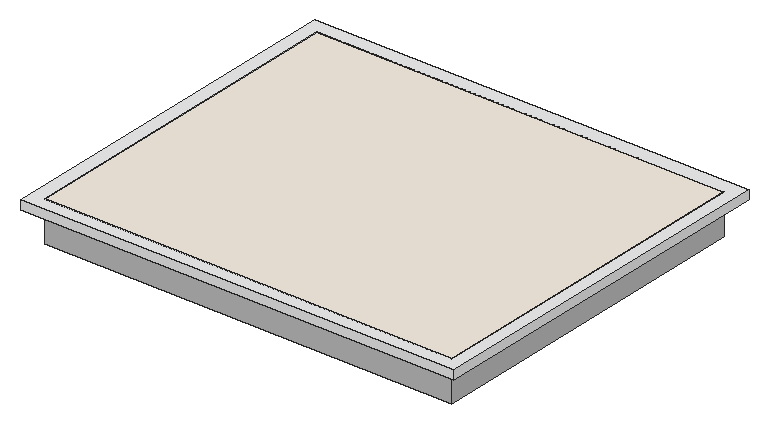
Revit family "Lighting-Industriale-GEWISS-ELIA-HL-LED_RIFLETTORE", category Apparecchi per illuminazione, host Superficie, Revit 2019 (continued)
Types (12, lengths in mm): name | Tensione | Scheda Tecnica | Potenza di sistema | Peso (kg): | Peso (kg) | Ottica | built-in parameter 1150142 | Lumen output (lm) | Modello | IDT | File diagramma fotometrico | Description
    \r\n4405.80 4244.80 4088.00 3935.40 3782.80 3633.00 3487.40 \r\n3344.60 3204.60 3067.40 2934.40 2804.20 2676.24 2550.66 \r\n2429.42 2311.82 2198.14 2086.56 1974.70 1865.78 1763.02 \r\n1663.62 1564.92 1469.16 1378.30 1292.20 1211.00 1134.28 \r\n1061.62 993.02 927.78 865.90 807.52 752.36 700.42 650.72 \r\n602.14 555.10 510.16 466.76 424.62 384.72 348.46 314.02 \r\n280.17 248.14 219.58 193.05 167.38 143.43 121.87 102.05 \r\n83.24 66.28 51.70 39.35 29.28 21.38 15.68 11.84 9.49 8.77 \r\n8142.40 8142.40 8142.40 8145.20 8145.20 8148.00 8149.40 \r\n8152.20 8155.00 8159.20 8163.40 8167.60 8173.20 8180.20 \r\n8185.80 8192.80 8199.80 8208.20 8216.60 8225.00 8234.80 \r\n8243.20 8251.60 8260.00 8269.80 8278.20 8286.60 8295.00 \r\n8303.40 8311.80 8318.80 8327.20 8335.60 8344.00 8352.40 \r\n8362.20 8370.60 8380.40 8390.20 8400.00 8411.20 8421.00 \r\n8432.20 8444.80 8457.40 8468.60 8482.60 8496.60 8510.60 \r\n8524.60 8538.60 8552.60 8566.60 8577.80 8589.00 8601.60 \r\n8612.80 8621.20 8629.60 8638.00 8646.40 8652.00 8656.20 \r\n8661.80 8664.60 8666.00 8667.40 8667.40 8666.00 8663.20 \r\n8660.40 8654.80 8646.40 8636.60 8626.80 8615.60 8601.60 \r\n8586.20 8569.40 8549.80 8528.80 8506.40 8482.60 8457.40 \r\n8429.40 8398.60 8367.80 8334.20 8300.60 8264.20 8223.60 \r\n8181.60 8135.40 8078.00 8013.60 7938.00 7854.00 7758.80 \r\n7655.20 7541.80 7424.20 7308.00 7189.00 7067.20 6937.00 \r\n6794.20 6641.60 6483.40 6316.80 6144.60 5966.80 5783.40 \r\n5597.20 5416.60 5240.20 5068.00 4900.00 4733.40 4569.60 \r\n4407.20 4246.20 4089.40 3936.80 3782.80 3634.40 3488.80 \r\n3346.00 3204.60 3067.40 2934.40 2807.00 2677.22 2550.52 \r\n2427.46 2308.32 2193.80 2082.22 1970.64 1862.00 1759.52 \r\n1660.12 1561.56 1465.80 1375.08 1288.70 1207.78 1131.34 \r\n1058.96 990.36 925.40 863.80 805.70 750.68 698.74 649.04 \r\n600.74 553.98 509.18 465.92 423.64 383.60 347.62 313.46 \r\n279.38 247.21 218.61 192.11 166.57 142.79 121.34 101.61 \r\n82.92 66.05 51.58 39.30 29.29 21.41 15.67 11.79 9.45 8.76 \r\n8142.40 8142.40 8142.40 8145.20 8145.20 8148.00 8149.40 \r\n8152.20 8155.00 8159.20 8163.40 8167.60 8173.20 8178.80 \r\n8187.20 8192.80 8201.20 8208.20 8216.60 8226.40 8234.80 \r\n8243.20 8251.60 8260.00 8269.80 8278.20 8286.60 8295.00 \r\n8303.40 8311.80 8320.20 8327.20 8335.60 8344.00 8352.40 \r\n8360.80 8370.60 8379.00 8390.20 8400.00 8411.20 8421.00 \r\n8432.20 8444.80 8456.00 8470.00 8481.20 8496.60 8510.60 \r\n8524.60 8540.00 8554.00 8566.60 8579.20 8590.40 8603.00 \r\n8612.80 8622.60 8631.00 8638.00 8646.40 8652.00 8656.20 \r\n8661.80 8664.60 8666.00 8668.80 8667.40 8666.00 8663.20 \r\n8659.00 8653.40 8646.40 8636.60 8625.40 8614.20 8600.20 \r\n8584.80 8568.00 8548.40 8528.80 8505.00 8482.60 8454.60 \r\n8426.60 8398.60 8367.80 8334.20 8299.20 8264.20 8225.00 \r\n8183.00 8135.40 8078.00 8013.60 7939.40 7858.20 7761.60 \r\n7658.00 7541.80 7424.20 7306.60 7189.00 7067.20 6937.00 \r\n6794.20 6640.20 6482.00 6315.40 6146.00 5969.60 5784.80 \r\n5600.00 5418.00 5241.60 5068.00 4900.00 4734.80 4571.00 \r\n4407.20 4246.20 4090.80 3936.80 3785.60 3635.80 3490.20 \r\n3347.40 3204.60 3066.00 2935.80 2807.00 2678.06 2550.24 \r\n2425.50 2304.68 2189.60 2078.02 1966.58 1858.50 1756.02 \r\n1656.76 1558.34 1462.86 1371.86 1285.62 1204.84 1128.68 \r\n1056.44 987.98 923.02 861.70 803.88 749.14 697.34 647.50 \r\n599.34 552.86 508.20 465.08 422.66 382.76 346.78 312.90 \r\n278.68 246.34 217.67 191.20 165.79 142.17 120.83 101.21 \r\n82.63 65.83 51.44 39.23 29.29 21.44 15.66 11.74 9.40 8.74 \r\n8142.40 8142.40 8142.40 8145.20 8145.20 8148.00 8149.40 \r\n8152.20 8155.00 8159.20 8162.00 8167.60 8173.20 8178.80 \r\n8187.20 8192.80 8201.20 8209.60 8218.00 8226.40 8234.80 \r\n8243.20 8251.60 8261.40 8271.20 8279.60 8288.00 8296.40 \r\n8303.40 8311.80 8320.20 8327.20 8335.60 8344.00 8352.40 \r\n8360.80 8370.60 8379.00 8390.20 8400.00 8409.80 8421.00 \r\n8432.20 8443.40 8456.00 8468.60 8482.60 8496.60 8510.60 \r\n8526.00 8540.00 8554.00 8568.00 8579.20 8591.80 8603.00 \r\n8614.20 8622.60 8631.00 8639.40 8645.00 8653.40 8657.60 \r\n8661.80 8664.60 8666.00 8668.80 8667.40 8666.00 8663.20 \r\n8657.60 8652.00 8646.40 8636.60 8625.40 8611.40 8598.80 \r\n8583.40 8566.60 8548.40 8527.40 8505.00 8481.20 8454.60 \r\n8426.60 8397.20 8365.00 8332.80 8299.20 8262.80 8225.00 \r\n8184.40 8136.80 8079.40 8013.60 7940.80 7859.60 7763.00 \r\n7658.00 7543.20 7424.20 7308.00 7189.00 7065.80 6935.60 \r\n6791.40 6640.20 6479.20 6315.40 6146.00 5969.60 5787.60 \r\n5601.40 5419.40 5240.20 5069.40 4901.40 4734.80 4571.00 \r\n4407.20 4247.60 4092.20 3938.20 3787.00 3635.80 3490.20 \r\n3347.40 3204.60 3066.00 2937.20 2808.40 2678.62 2549.96 \r\n2423.68 2301.46 2185.96 2073.96 1963.08 1855.42 1752.94 \r\n1653.82 1555.54 1460.20 1369.06 1282.68 1202.18 1126.30 \r\n1054.20 985.88 921.06 859.88 802.34 747.74 695.80 646.24 \r\n598.08 551.88 507.36 464.38 421.96 381.78 346.08 312.34 \r\n278.05 245.55 216.83 190.37 165.09 141.61 120.37 100.84 \r\n82.35 65.65 51.32 39.17 29.27 21.46 15.65 11.69 9.36 8.73 \r\n8142.40 8142.40 8142.40 8145.20 8145.20 8148.00 8148.00 \r\n8150.80 8155.00 8159.20 8162.00 8167.60 8173.20 8178.80 \r\n8187.20 8192.80 8201.20 8209.60 8218.00 8226.40 8234.80 \r\n8243.20 8251.60 8262.80 8271.20 8279.60 8288.00 8296.40 \r\n8304.80 8311.80 8318.80 8327.20 8335.60 8344.00 8352.40 \r\n8360.80 8369.20 8380.40 8390.20 8400.00 8409.80 8421.00 \r\n8432.20 8443.40 8456.00 8468.60 8482.60 8496.60 8512.00 \r\n8526.00 8540.00 8554.00 8568.00 8579.20 8591.80 8603.00 \r\n8614.20 8622.60 8631.00 8639.40 8646.40 8652.00 8657.60 \r\n8661.80 8666.00 8666.00 8668.80 8667.40 8666.00 8663.20 \r\n8657.60 8652.00 8645.00 8635.20 8624.00 8611.40 8597.40 \r\n8583.40 8566.60 8547.00 8526.00 8505.00 8481.20 8454.60 \r\n8426.60 8395.80 8365.00 8332.80 8297.80 8262.80 8226.40 \r\n8184.40 8136.80 8079.40 8015.00 7942.20 7861.00 7764.40 \r\n7660.80 7544.60 7425.60 7308.00 7187.60 7065.80 6934.20 \r\n6790.00 6637.40 6477.80 6314.00 6146.00 5972.40 5787.60 \r\n5602.80 5419.40 5240.20 5069.40 4901.40 4736.20 4571.00 \r\n4408.60 4249.00 4092.20 3939.60 3788.40 3637.20 3491.60 \r\n3348.80 3206.00 3066.00 2937.20 2809.80 2679.18 2549.82 \r\n2422.14 2298.52 2182.60 2070.74 1960.00 1852.62 1750.42 \r\n1651.30 1553.16 1457.82 1366.68 1280.30 1199.94 1124.20 \r\n1052.10 983.92 919.38 858.34 800.94 746.48 694.68 644.98 \r\n597.10 550.90 506.66 463.82 421.26 381.08 345.52 311.92 \r\n277.51 244.87 216.12 189.67 164.50 141.13 119.98 100.52 \r\n82.11 65.49 51.20 39.10 29.26 21.48 15.64 11.64 9.32 8.71 \r\n8142.40 8142.40 8142.40 8145.20 8145.20 8148.00 8148.00 \r\n8150.80 8156.40 8159.20 8162.00 8167.60 8173.20 8178.80 \r\n8187.20 8192.80 8201.20 8209.60 8218.00 8226.40 8234.80 \r\n8243.20 8251.60 8262.80 8271.20 8279.60 8288.00 8296.40 \r\n8304.80 8313.20 8318.80 8327.20 8335.60 8344.00 8352.40 \r\n8360.80 8369.20 8380.40 8388.80 8400.00 8411.20 8419.60 \r\n8430.80 8444.80 8456.00 8470.00 8484.00 8498.00 8512.00 \r\n8526.00 8540.00 8554.00 8568.00 8579.20 8593.20 8604.40 \r\n8612.80 8624.00 8632.40 8638.00 8646.40 8652.00 8657.60 \r\n8663.20 8666.00 8666.00 8668.80 8666.00 8666.00 8663.20 \r\n8657.60 8652.00 8643.60 8635.20 8624.00 8610.00 8596.00 \r\n8582.00 8565.20 8545.60 8526.00 8503.60 8481.20 8453.20 \r\n8425.20 8394.40 8363.60 8330.00 8296.40 8262.80 8226.40 \r\n8184.40 8136.80 8080.80 8016.40 7943.60 7859.60 7767.20 \r\n7660.80 7546.00 7425.60 7308.00 7187.60 7064.40 6935.60 \r\n6790.00 6636.00 6476.40 6314.00 6146.00 5972.40 5790.40 \r\n5602.80 5420.80 5241.60 5070.80 4902.80 4734.80 4572.40 \r\n4410.00 4247.60 4093.60 3939.60 3788.40 3640.00 3491.60 \r\n3348.80 3206.00 3066.00 2937.20 2811.20 2679.60 2549.40 \r\n2420.88 2296.28 2179.80 2068.08 1957.48 1850.52 1748.60 \r\n1649.48 1551.20 1456.28 1365.00 1278.48 1198.12 1122.80 \r\n1050.56 982.52 918.12 857.08 799.96 745.64 693.84 644.00 \r\n596.40 550.20 506.24 463.40 420.84 380.52 344.96 311.64 \r\n277.09 244.36 215.54 189.11 164.02 140.76 119.67 100.27 \r\n81.93 65.35 51.13 39.06 29.23 21.48 15.63 11.61 9.28 8.71 \r\n" | "28000" | "GWF1001QM840" | "cac31452-bafc-4473-b367-6af6b8d20e56" | "GWF1001QM840.IES" | "ELIA HL L2 120° 4000K S.ALONE DALI"
